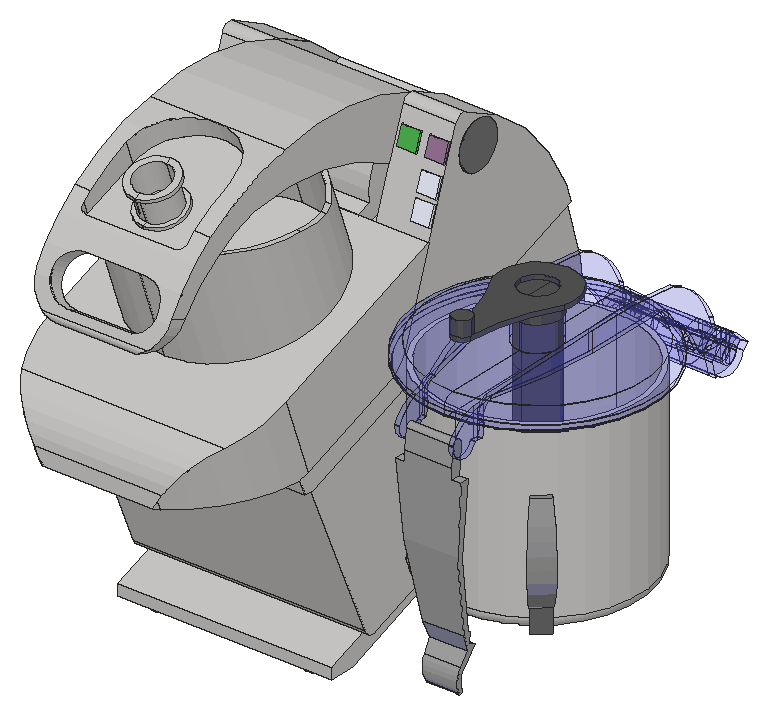
Revit family "QF_DITOSAMA_600434_DTRK55Y", category Specialty Equipment, Revit 2018
Family settings
  Round Connector Dimension = Use Diameter
  Part Type = Normal
  Work Plane-Based = No
  Always vertical = Yes
  Cut with Voids When Loaded = No
  Shared = No
  Room Calculation Point = No
Parameters (values of type "QF_DITO SAMA_600434_DTRK55Y")
  Weight = 27.40 kg
  Watts = 0 W
  Volts = 200 V
  URL Manufacturer = "http://www.ditosama.com"
  URL = "http://www.ditosama.com"
  Steam Supply Size = 0 mm
  Steam Supply Minimum Pressure = 0.0 Pa
  Steam Supply Maximum Pressure = 0.0 Pa
  Steam Pounds per Hour = 0
  Refrigeration Suction Line Size = 0 mm
  Refrigeration Liquid Line Size = 0 mm
  Refrigerant Compressor Remote = yes
  Manufacturer = "Dito Sama"
  Phase = 1
  Model = "DTRK55Y"
  Length Actual = 252 mm  # constant formula
  Item Number = "600434"
  Hot Water Size = 0 mm
  Height Actual = 505 mm  # constant formula
  HP = "1.7 HP"
  Gas Size = 0 mm
  Gas KW = 0
  Gas Input Pressure = 0 W
  Direct Waste Size = 0 mm
  Description = "CUTTER/SLICER 5.5L VARIAB.SPEED-1300W-200-240/1/50-60"
  Depth Actual = 485 mm  # constant formula
  Cycle = 60 Hz
  Condensate Return Size = 0 mm
  Compressed Air Volume = 0.0 L/s
  Compressed Air Size = 0 mm
  Compressed Air Pressure = 0.0 Pa
  Cold Water Size = 0 mm
  Accessory = yes
Reference planes
  plane 1 "Center (Front/Back)": y = 0
  plane 2: z = 0
  plane 3 "Center (Left/Right)": x = 0
  plane 4 "BASE": through (-1506.947, -1354.442, -482.669) normal (0, -0.342, 0.9397)
  plane 5 "TOP": z = 725
  plane 6 "FRONT": y = -250
  plane 7 "BACK": y = 250
  plane 8 "LEFT": x = -126
  plane 9 "RIGHT": x = 126
  plane 10 "BaseSup": through (4267.2, -355.454, 143.983) normal (0, -0.342, 0.9397)
  plane 11 "TopCylinder": z = 505
  plane 12 "panel": through (4267.2, 37.396, 376.789) normal (0, -0.9397, 0.342)
  plane 13 "TAN1": through (4267.2, -242.8, 386.84) normal (0, -0.868, 0.4965)
  plane 14 "cx": x = -4.392
  plane 15: z = 490
  plane 16: z = 685
  plane 17 "EI_1": z = 320
  plane 18: z = 224
  plane 19 "SupportOblique": through (4267.2, 163.975, 96.815) normal (0, 0.809, 0.5878)
  plane 20 "CX2": x = 350
Forms (mm)
  Extrusion 1, solid, material "QF_Finishes_Stainless Steel"
    sketch origin (0, 71.755, 29.173) x (0, 0.939693, 0.34202) y (0, -0.34202, 0.939693)
      loop
        line (196.964, 40) -> (-146.726, 40) -> (-150.519, 29.578) -> (-124.204, 20) -> (196.964, 20) -> (196.964, 40)
    from -114.1 to 114.1
  Extrusion 2, solid, material "QF_Finishes_Stainless Steel"
    sketch origin (0, 71.755, 29.173) x (0, 0.939693, 0.34202) y (0, -0.34202, 0.939693)
      loop
        arc (-117.754, 231.836) -> (-115.679, 141.222) -> (-107.501, 50.953) r 1344.145
        arc (-107.501, 50.953) -> (-103.371, 43.13) -> (-95.098, 40) r 12.5
        line (-95.098, 40) -> (191.415, 40)
        arc (191.415, 40) -> (200.799, 44.052) -> (207.001, 52.177) r 20.212
        arc (207.001, 52.177) -> (236.663, 139.796) -> (245.906, 231.836) r 409.593
        line (245.906, 231.836) -> (-117.754, 231.836)
    from -123.6 to 123.2
  Extrusion 3, solid, material "QF_Finishes_Stainless Steel"
    sketch origin (0, 71.755, 29.173) x (0, 0.939693, 0.34202) y (0, -0.34202, 0.939693)
      loop
        line (-117.754, 231.836) -> (250, 231.836) -> (250, 254)
        arc (250, 254) -> (225.127, 344.7) -> (167.861, 419.303) r 244.524
        arc (167.861, 419.303) -> (160.498, 421.774) -> (153.587, 418.23) r 10
        line (153.587, 418.23) -> (25.432, 265.5)
        arc (25.432, 265.5) -> (14.376, 257.016) -> (0.77, 254) r 32.194
        line (0.77, 254) -> (-128.224, 254) -> (-128.224, 236.946) -> (-117.754, 231.836)
    from -125 to 125
  Extrusion 4, void
    sketch origin (0, 71.755, 29.173) x (0, 0.939693, 0.34202) y (0, -0.34202, 0.939693)
      loop
        line (146.605, 338.403) -> (228.145, 338.403)
        arc (228.145, 338.403) -> (202.221, 381.996) -> (167.861, 419.303) r 244.524
        arc (167.861, 419.303) -> (160.498, 421.774) -> (153.587, 418.23) r 10
        line (153.587, 418.23) -> (72.34, 321.403) -> (146.605, 321.403) -> (146.605, 338.403)
    from -76.755 to 68.071
  Extrusion 5, solid, material "QF_Finishes_Stainless Steel"
    sketch origin (0, 71.755, 29.173) x (0, 0.939693, 0.34202) y (0, -0.34202, 0.939693)
      loop
        line (86.605, 338.403) -> (69.605, 321.403) -> (146.605, 321.403) -> (146.605, 338.403) -> (138.179, 338.403) -> (138.179, 369.367)
        arc (138.179, 369.367) -> (147.784, 373.474) -> (158.149, 372.174) r 19.987
        arc (158.149, 372.174) -> (156.791, 382.001) -> (162.888, 389.826) r 12.748
        arc (162.888, 389.826) -> (123.302, 374.774) -> (101.605, 338.403) r 64.447
        line (101.605, 338.403) -> (86.605, 338.403)
    from -65 to 50
  Extrusion 6, solid, material "QF_Finishes_Stainless Steel"
    sketch origin (539, 71.755, 29.173) x (0, -0.939693, -0.34202) y (0, -0.34202, 0.939693)
      loop
        circle (-169.102, 378.696) r 12.748
    from 489 to 604
  Extrusion 7, solid, material "QF_Finishes_Rubber Black"
    sketch origin (0, 71.755, 29.173) x (0, 0.939693, 0.34202) y (0, -0.34202, 0.939693)
      loop
        circle (169.102, 378.696) r 25
    from 125 to 126.6
  Extrusion 8, solid, material "QF_Finishes_Green"
    sketch origin (-10, -113.728, -38.42) x (0, -0.34202, -0.939693) y (1, 0, 0)
      loop
        line (-529.862, 82.865) -> (-509.862, 82.865) -> (-509.862, 102.865) -> (-529.862, 102.865) -> (-529.862, 82.865)
    from 0 to 1.6
  Extrusion 9, solid, material "QF_Finishes_Red"
    sketch origin (20, -113.728, -38.42) x (0, -0.34202, -0.939693) y (1, 0, 0)
      loop
        line (-529.862, 82.865) -> (-509.862, 82.865) -> (-509.862, 102.865) -> (-529.862, 102.865) -> (-529.862, 82.865)
    from 0 to 1.6
  Extrusion 10, solid, material "QF_Finishes_White"
    sketch origin (19.976, -149.421, -75.636) x (0, -0.34202, -0.939693) y (1, 0, 0)
      loop
        line (-521.192, 82.865) -> (-501.192, 82.865) -> (-501.192, 102.865) -> (-521.192, 102.865) -> (-521.192, 82.865)
    from 0 to 1.6
  Extrusion 11, solid, material "QF_Finishes_Rubber Black"
    sketch origin (-20, -293.925, 99.376) x (0, -1, 0) y (1, 0, 0)
      loop
        circle (-230.144, 103.748) r 10
      loop
        circle (-230.144, -61.252) r 10
    from 9.274 to 3.787
  Extrusion 12, void
    sketch origin (-20.94, 306.731, 139.428) x (-1, 0, 0) y (0, -0.34202, 0.939693)
      loop
        circle (-20.94, 196.093) r 10
    from -1.916 to -26.433
  Extrusion 13, solid, material "QF_Finishes_Stainless Steel"
    sketch origin (-20.94, 306.678, 139.573) x (-1, 0, 0) y (0, -0.34202, 0.939693)
      loop
        circle (-20.94, 195.939) r 9.999
    from -8.514 to -26.433
  Extrusion 14, solid, material "QF_Finishes_Stainless Steel"
    sketch origin (0, -15.119, 267.855) x (0, -0.939693, -0.34202) y (1, 0, 0)
      loop
        line (-86.605, -125) -> (117.754, -125)
        arc (117.754, -125) -> (182.577, -108.838) -> (232.224, -64.135) r 138.076
        arc (232.224, -64.135) -> (246.337, -33.516) -> (250, 0) r 104.824
        arc (250, 0) -> (246.337, 33.516) -> (232.224, 64.135) r 104.824
        arc (232.224, 64.135) -> (182.577, 108.838) -> (117.754, 125) r 138.076
        line (117.754, 125) -> (-86.605, 125) -> (-86.605, -125)
    from 0 to 84.403
  Extrusion 15, void
    sketch origin (0, 71.755, 29.173) x (0, 0.939693, 0.34202) y (0, -0.34202, 0.939693)
      loop
        line (-183.149, 338.403) -> (-263.395, 338.403) -> (-263.395, 254) -> (-128.224, 254) -> (-235.716, 293.124) -> (-229.509, 307.133)
        arc (-229.509, 307.133) -> (-211.109, 329.855) -> (-183.149, 338.403) r 50
      loop
        line (86.605, 338.403) -> (25.432, 265.5)
        arc (25.432, 265.5) -> (14.376, 257.016) -> (0.77, 254) r 32.194
        line (0.77, 254) -> (86.605, 254) -> (86.605, 338.403)
    from -156.555 to 144.79
  Extrusion 16, solid, material "QF_Finishes_Rubber Black"
    sketch origin (-20, -255.757, 37.007) x (0, -0.939693, -0.34202) y (1, 0, 0)
      loop
        circle (-230.144, 103.748) r 10
      loop
        circle (-230.144, -61.252) r 10
    from -1.968 to 3.787
  Extrusion 17, solid, material "QF_Finishes_Stainless Steel"
    sketch origin (0, 0, 0) x (0, 1, 0) y (0, 0, 1)
      loop
        arc (-237.987, 360.286) -> (-193.334, 422.101) -> (-125.907, 457.716) r 167.502
        arc (-125.907, 457.716) -> (-32.614, 457.202) -> (54.785, 424.565) r 266.494
        line (54.785, 424.565) -> (73.036, 474.711)
        arc (73.036, 474.711) -> (77.269, 479.853) -> (83.792, 481.198) r 10
        arc (83.792, 481.198) -> (1.801, 503.572) -> (-83.051, 498.734) r 263.981
        arc (-83.051, 498.734) -> (-135.605, 484.534) -> (-183.511, 458.675) r 236.13
        arc (-183.511, 458.675) -> (-222.818, 420.732) -> (-248.457, 372.49) r 174.407
        arc (-248.457, 372.49) -> (-249.83, 368.135) -> (-247.05, 364.513) r 4.945
        line (-247.05, 364.513) -> (-237.987, 360.286)
    from -76.755 to 68.071
  Extrusion 18, void
    sketch origin (0, -252.846, 369.279) x (0, -0.496521, -0.868025) y (1, 0, 0)
      loop
        line (-13.723, -36.755) -> (-13.723, 28.071)
        arc (-13.723, 28.071) -> (-38.723, 53.071) -> (-63.723, 28.071) r 25
        line (-63.723, 28.071) -> (-63.723, -36.755)
        arc (-63.723, -36.755) -> (-38.723, -61.755) -> (-13.723, -36.755) r 25
    from -148.493 to 7.125
  Extrusion 19, void
    sketch origin (0, -88.076, 32.057) x (0, -0.34202, -0.939693) y (1, 0, 0)
      loop
        line (-257.162, 68.071) -> (-297.162, 68.071)
        arc (-297.162, 68.071) -> (-268.878, 56.356) -> (-257.162, 28.071) r 40
        line (-257.162, 28.071) -> (-257.162, 68.071)
      loop
        line (-257.162, -76.755) -> (-257.162, -36.755)
        arc (-257.162, -36.755) -> (-268.878, -65.039) -> (-297.162, -76.755) r 40
        line (-297.162, -76.755) -> (-257.162, -76.755)
    from 233.374 to 280.473
  Extrusion 20, void
    sketch origin (0, -73.76, 246.511) x (0, -0.939693, -0.34202) y (1, 0, 0)
      loop
        spline (50.415, 43.499) -> (50.302, 44.538) -> (50.07, 45.551) -> (49.722, 46.523) -> (49.265, 47.436) -> (48.705, 48.278) -> (48.053, 49.034) -> (47.317, 49.692) -> (46.511, 50.241) -> (45.647, 50.674) -> (44.738, 50.981) -> (43.801, 51.16) -> (42.848, 51.221)
        line (42.848, 51.221) -> (-21.826, 51.221)
        arc (-21.826, 51.221) -> (-77.476, -4.429) -> (-21.826, -60.078) r 55.65
        line (-21.826, -60.078) -> (42.849, -60.064)
        spline (42.849, -60.064) -> (43.796, -60.017) -> (44.73, -59.836) -> (45.637, -59.525) -> (46.5, -59.088) -> (47.306, -58.532) -> (48.042, -57.867) -> (48.695, -57.103) -> (49.256, -56.253) -> (49.715, -55.331) -> (50.065, -54.351) -> (50.3, -53.329) -> (50.415, -52.283)
        line (50.415, -52.283) -> (50.415, 43.499)
    from 219.928 to 259.975
  Extrusion 21, void
    sketch origin (0, -87.856, 241.381) x (0, -0.939693, -0.34202) y (1, 0, 0)
      loop
        circle (-4.976, -4.429) r 22.5
    from 184.171 to 259.975
  Extrusion 22, solid, material "QF_Finishes_Stainless Steel"
    sketch origin (0, -57.13, 252.564) x (0, -0.939693, -0.34202) y (1, 0, 0)
      loop
        circle (-27.476, -4.429) r 100
      loop
        circle (-27.476, -4.429) r 95
    from 84.403 to 219.928
  Extrusion 23, void
    sketch origin (539, 0, 0) x (0, -1, 0) y (0, 0, 1)
      loop
        line (-7.229, 448.453) -> (38.883, 431.669) -> (53.883, 431.669) -> (97.232, 435.738) -> (172.232, 435.738) -> (200.5, 434.424) -> (12.562, 502.828) -> (-7.229, 448.453)
    from 424.9 to 664
  Revolve 24, solid, material "QF_Finishes_Stainless Steel"
    sketch origin (-4.392, 0, 0) x (0, 1, 0) y (0, 0, 1)
      loop
        line (-159.523, 452.833) -> (-177.266, 446.376) -> (-188.766, 477.973) -> (-195.199, 475.631) -> (-193.959, 472.225) -> (-189.261, 473.935) -> (-179, 445.744) -> (-183.698, 444.034) -> (-182.575, 440.948) -> (-179.543, 442.052) -> (-133.191, 314.7) -> (-112.048, 322.396) -> (-159.523, 452.833)
      axis (-112.048, 322.396) -> (-171.023, 484.431)
    angle from 0 to 360
  Extrusion 25, solid, material "QF_Door-Drawer Clearances", detail levels coarse
    sketch origin (0, -262.072, 735.095) x (0, -0.581279, -0.813704) y (0, 0.813704, -0.581279)
      loop
        arc (-237.987, 360.286) -> (-193.334, 422.101) -> (-125.907, 457.716) r 167.502
        arc (-125.907, 457.716) -> (-61.925, 460.915) -> (0.971, 448.753) r 266.494
        arc (0.971, 448.753) -> (-2.208, 475.472) -> (-2.432, 502.379) r 244.524
        arc (-2.432, 502.379) -> (-31.549, 503.211) -> (-60.594, 500.999) r 278.64
        arc (-60.594, 500.999) -> (-125.023, 488.463) -> (-183.511, 458.675) r 236.13
        arc (-183.511, 458.675) -> (-222.818, 420.732) -> (-248.457, 372.49) r 174.407
        arc (-248.457, 372.49) -> (-249.83, 368.135) -> (-247.05, 364.513) r 4.945
        line (-247.05, 364.513) -> (-237.987, 360.286)
    from -76.755 to 68.071
  Extrusion 26, solid, material "QF_Door-Drawer Clearances", detail levels coarse
    sketch origin (-4.392, 0, -55) x (0, 1, 0) y (0, 0, 1)
      loop
        arc (180.062, 780.324) -> (-149.234, 694.151) -> (-249.905, 368.994) r 350.321
        line (-249.905, 368.994) -> (-246.546, 377.767)
        arc (-246.546, 377.767) -> (-144.345, 691.9) -> (174.993, 776.44) r 345.321
        line (174.993, 776.44) -> (180.062, 780.324)
    from -60 to 60
  Extrusion 27, solid, material "QF_Finishes_Rubber Black"
    sketch origin (-20, -20.834, 122.512) x (0, -0.939693, -0.34202) y (1, 0, 0)
      loop
        circle (-230.144, 103.748) r 10
      loop
        circle (-230.144, -61.252) r 10
    from -1.968 to 3.787
  Extrusion 28, void
    sketch origin (-4.392, 0, 0) x (0, 1, 0) y (0, 0, 1)
      loop
        circle (163.975, 96.815) r 5.399
    from -121.608 to 130.392
  Sweep 29, solid, material "QF_Finishes_Stainless Steel"
    path origin (0, 153.361, 111.423) x (0, -0.587785, 0.809017) y (1, 0, 0)
      loop
        line (-133.401, 56) -> (-133.401, 112.5)
        arc (-133.401, 112.5) -> (-130.472, 119.571) -> (-123.401, 122.5) r 10
        line (-123.401, 122.5) -> (-28.058, 122.5)
        arc (-28.058, 122.5) -> (-20.987, 119.571) -> (-18.058, 112.5) r 10
        line (-18.058, 112.5) -> (-18.058, -112.5)
        arc (-18.058, -112.5) -> (-20.987, -119.571) -> (-28.058, -122.5) r 10
        line (-28.058, -122.5) -> (-123.401, -122.5)
        arc (-123.401, -122.5) -> (-130.472, -119.571) -> (-133.401, -112.5) r 10
        line (-133.401, -112.5) -> (-133.401, -56)
    profile origin (84.25, 231.772, 3.5) x (0, 0.587785, -0.809017) y (0, 0.809017, 0.587785)
      loop
        circle (0, 0) r 3.5
  Extrusion 30, void
    sketch origin (-4.392, 0, 0) x (0, 1, 0) y (0, 0, 1)
      loop
        line (50.281, 42.641) -> (71.708, 50.44) -> (64.376, 57.771) -> (50.281, 52.641) -> (50.281, 42.641)
    from -119.208 to -51.608
  Extrusion 31, void
    sketch origin (4.392, 0, 0) x (0, 1, 0) y (0, 0, -1)
      loop
        line (50.281, -42.641) -> (50.281, -52.641) -> (64.376, -57.771) -> (71.708, -50.44) -> (50.281, -42.641)
    from -119.208 to -51.608
  Extrusion 32, solid, material "QF_Door-Drawer Clearances", detail levels coarse
    sketch origin (350, -160.4, -17.118) x (0, -0.34202, -0.939693) y (0, -0.939693, 0.34202)
      loop
        line (-206.754, 118.191) -> (-331.133, -223.538)
        arc (-331.133, -223.538) -> (-241.482, -246.331) -> (-149.003, -248.426) r 409.593
        arc (-149.003, -248.426) -> (-139.246, -245.378) -> (-132.229, -237.945) r 20.212
        line (-132.229, -237.945) -> (-34.236, 31.289)
        arc (-34.236, 31.289) -> (-34.347, 40.134) -> (-40.286, 46.691) r 12.5
        arc (-40.286, 46.691) -> (-122.314, 85.249) -> (-206.754, 118.191) r 1344.145
    from -123.6 to 123.2
  Extrusion 33, solid, material "QF_Door-Drawer Clearances", detail levels coarse
    sketch origin (350, -160.4, -17.118) x (0, -0.34202, -0.939693) y (0, -0.939693, 0.34202)
      loop
        line (-134.127, -243.16) -> (-115.333, -250) -> (-5.487, 51.799) -> (-5.487, 79.803) -> (-16.578, 79.803) -> (-134.127, -243.16)
    from -114.1 to 114.1
  Extrusion 34, solid, material "QF_Door-Drawer Clearances", detail levels coarse
    sketch origin (330, -388.076, 105.131) x (0, -1, 0) y (1, 0, 0)
      loop
        circle (-230.144, 103.748) r 10
      loop
        circle (-230.144, -61.252) r 10
    from -1.968 to 3.787
  Extrusion 35, solid, material "QF_Door-Drawer Clearances", detail levels coarse
    sketch origin (330, -138.076, 105.131) x (0, -1, 0) y (1, 0, 0)
      loop
        circle (-230.144, 103.748) r 10
      loop
        circle (-230.144, -61.252) r 10
    from -1.968 to 3.787
  Extrusion 36, solid, material "QF_Door-Drawer Clearances", detail levels coarse
    sketch origin (0, 250, 0) x (-1, 0, 0) y (0, 0, 1)
      loop
        circle (-350, 200) r 10
    from -89.12 to -78.665
  Extrusion 37, solid, material "QF_Finishes_White"
    sketch origin (19.976, -140.87, -52.143) x (0, -0.34202, -0.939693) y (1, 0, 0)
      loop
        line (-521.192, 82.865) -> (-501.192, 82.865) -> (-501.192, 102.865) -> (-521.192, 102.865) -> (-521.192, 82.865)
    from 0 to 1.6
Cuts and joins
  Extrusion 4, Extrusion 19, Extrusion 20, Extrusion 21 cuts Extrusion 3
  Extrusion 15, Extrusion 19, Extrusion 20, Extrusion 21 cuts Extrusion 14
  Extrusion 18, Extrusion 19, Extrusion 20, Extrusion 21 cuts Extrusion 17
  Extrusion 12, Extrusion 20, Extrusion 21 cuts Extrusion 2
  Extrusion 23 cuts Extrusion 22
  Extrusion 28, Extrusion 30, Extrusion 31 cuts Extrusion 1
Lines and regions (mm)
  symbolic lines
    curve 1: line (-76.755, 170.4, 0) -> (-76.755, -235.217, 0)
    curve 2: line (68.071, -235.135, 0) -> (68.071, 170.4, 0)
    curve 3: line (-76.755, 83.792, 0) -> (68.071, 83.792, 0)
    curve 4: line (-76.755, 170.4, 0) -> (68.071, 170.4, 0)
    curve 5: line (68.071, -83.051, 0) -> (-76.755, -83.051, 0)
    curve 6: line (-60.078, -136.967, 0) -> (51.221, -136.967, 0)
    curve 7: line (-60.078, -128.47, 0) -> (-60.078, -194.06, 0)
    curve 8: line (51.221, -193.76, 0) -> (51.221, -128.47, 0)
    curve 9: spline (-52.282, -199.891, 0) -> (-53.276, -199.815, 0) -> (-54.25, -199.647, 0) -> (-55.19, -199.39, 0) -> (-56.081, -199.046, 0) -> (-56.909, -198.622, 0) -> (-57.663, -198.124, 0) -> (-58.331, -197.559, 0) -> (-58.902, -196.936, 0) -> (-59.369, -196.264, 0) -> (-59.724, -195.553, 0) -> (-59.961, -194.815, 0) -> (-60.078, -194.06, 0)
    curve 10: line (43.499, -199.901, 0) -> (-52.283, -199.901, 0)
    curve 11: spline (51.218, -193.76, 0) -> (51.156, -194.554, 0) -> (50.964, -195.333, 0) -> (50.645, -196.085, 0) -> (50.204, -196.798, 0) -> (49.648, -197.459, 0) -> (48.986, -198.058, 0) -> (48.229, -198.586, 0) -> (47.39, -199.033, 0) -> (46.483, -199.392, 0) -> (45.521, -199.658, 0) -> (44.521, -199.826, 0) -> (43.499, -199.893, 0)
    curve 12: spline (-4.392, -146.848, 0) -> (-11.05, -147.672, 0) -> (-17.255, -150.087, 0) -> (-22.583, -153.929, 0) -> (-26.672, -158.936, 0) -> (-29.242, -164.766, 0) -> (-30.119, -171.023, 0) -> (-29.242, -177.28, 0) -> (-26.672, -183.111, 0) -> (-22.583, -188.118, 0) -> (-17.255, -191.96, 0) -> (-11.05, -194.375, 0) -> (-4.392, -195.199, 0)
    curve 13: spline (-4.392, -195.199, 0) -> (2.267, -194.375, 0) -> (8.472, -191.96, 0) -> (13.8, -188.118, 0) -> (17.888, -183.111, 0) -> (20.459, -177.28, 0) -> (21.335, -171.023, 0) -> (20.459, -164.766, 0) -> (17.888, -158.936, 0) -> (13.8, -153.929, 0) -> (8.472, -150.087, 0) -> (2.267, -147.672, 0) -> (-4.392, -146.848, 0)
    curve 14: spline (-4.392, -188.766, 0) -> (-9.279, -188.162, 0) -> (-13.832, -186.389, 0) -> (-17.743, -183.569, 0) -> (-20.744, -179.895, 0) -> (-22.63, -175.616, 0) -> (-23.273, -171.023, 0) -> (-22.63, -166.431, 0) -> (-20.744, -162.152, 0) -> (-17.743, -158.477, 0) -> (-13.832, -155.658, 0) -> (-9.279, -153.885, 0) -> (-4.392, -153.281, 0)
    curve 15: spline (-4.392, -153.281, 0) -> (0.495, -153.885, 0) -> (5.049, -155.658, 0) -> (8.96, -158.477, 0) -> (11.96, -162.152, 0) -> (13.846, -166.431, 0) -> (14.49, -171.023, 0) -> (13.846, -175.616, 0) -> (11.96, -179.895, 0) -> (8.96, -183.569, 0) -> (5.049, -186.389, 0) -> (0.495, -188.162, 0) -> (-4.392, -188.766, 0)
    curve 16: spline (-22.254, -165.273, 0) -> (-20.617, -168.597, 0) -> (-18.289, -171.534, 0) -> (-15.368, -173.96, 0) -> (-11.98, -175.77, 0) -> (-8.268, -176.888, 0) -> (-4.392, -177.266, 0) -> (-0.515, -176.888, 0) -> (3.197, -175.77, 0) -> (6.585, -173.96, 0) -> (9.505, -171.534, 0) -> (11.834, -168.597, 0) -> (13.471, -165.273, 0)
    curve 17: spline (21.106, -162.743, 0) -> (21.02, -155.749, 0) -> (18.807, -149.071, 0) -> (14.651, -143.268, 0) -> (8.902, -138.825, 0) -> (2.04, -136.115, 0) -> (-5.361, -135.365, 0) -> (-12.68, -136.637, 0) -> (-19.306, -139.824, 0) -> (-24.683, -144.661, 0) -> (-28.361, -150.742, 0) -> (-30.034, -157.558, 0) -> (-29.559, -164.538, 0)
    curve 18: spline (15.591, -154.349, 0) -> (13.851, -150.277, 0) -> (11.185, -146.674, 0) -> (7.729, -143.723, 0) -> (3.657, -141.574, 0) -> (-0.824, -140.337, 0) -> (-5.485, -140.073, 0) -> (-10.091, -140.797, 0) -> (-14.408, -142.471, 0) -> (-18.216, -145.011, 0) -> (-21.322, -148.287, 0) -> (-23.569, -152.134, 0) -> (-24.843, -156.356, 0)
    curve 19: line (-36.755, -245.358, 0) -> (-36.755, -220.255, 0)
    curve 20: line (28.071, -220.255, 0) -> (28.071, -245.358, 0)
    curve 21: line (-36.755, -220.255, 0) -> (28.071, -220.255, 0)
    curve 22: line (-36.755, -231.961, 0) -> (28.071, -231.961, 0)
    curve 23: line (28.071, -245.358, 0) -> (-36.755, -245.358, 0)
    curve 24: arc (-36.755, -231.961, 0) -> (-47.346, -230.66, 0) -> (-57.309, -226.836, 0) r 43.78
    curve 25: arc (28.071, -231.961, 0) -> (38.611, -230.648, 0) -> (48.525, -226.836, 0) r 43.78
    curve 26: line (108.532, -216.09, 0) -> (68.016, -248.959, 0)
    curve 27: spline (108.532, -216.09, 0) -> (111.117, -211.341, 0) -> (113.492, -206.496, 0) -> (115.654, -201.564, 0) -> (117.598, -196.552, 0) -> (119.32, -191.469, 0) -> (120.82, -186.324, 0) -> (122.092, -181.125, 0) -> (123.137, -175.882, 0) -> (123.951, -170.603, 0) -> (124.533, -165.296, 0) -> (124.883, -159.972, 0) -> (125, -154.639, 0)
    curve 28: line (125, -154.639, 0) -> (125, 227.385, 0)
    curve 29: spline (63.971, -249.433, 0) -> (63.542, -249.481, 0) -> (63.11, -249.529, 0) -> (62.674, -249.577, 0) -> (62.235, -249.624, 0) -> (61.792, -249.672, 0) -> (61.346, -249.719, 0) -> (60.896, -249.766, 0) -> (60.442, -249.813, 0) -> (59.985, -249.86, 0) -> (59.525, -249.907, 0) -> (59.06, -249.954, 0) -> (58.593, -250, 0)
    curve 30: spline (68.016, -248.959, 0) -> (67.688, -248.999, 0) -> (67.358, -249.038, 0) -> (67.026, -249.078, 0) -> (66.693, -249.118, 0) -> (66.359, -249.157, 0) -> (66.022, -249.197, 0) -> (65.684, -249.236, 0) -> (65.345, -249.276, 0) -> (65.004, -249.315, 0) -> (64.661, -249.354, 0) -> (64.317, -249.394, 0) -> (63.971, -249.433, 0)
    curve 31: line (-68.016, -248.959, 0) -> (68.016, -248.959, 0)
    curve 32: line (-68.016, -248.959, 0) -> (-108.532, -216.09, 0)
    curve 33: spline (-63.971, -249.433, 0) -> (-64.317, -249.394, 0) -> (-64.661, -249.354, 0) -> (-65.004, -249.315, 0) -> (-65.345, -249.276, 0) -> (-65.684, -249.236, 0) -> (-66.022, -249.197, 0) -> (-66.359, -249.157, 0) -> (-66.693, -249.118, 0) -> (-67.026, -249.078, 0) -> (-67.358, -249.038, 0) -> (-67.688, -248.999, 0) -> (-68.016, -248.959, 0)
    curve 34: spline (-58.593, -250, 0) -> (-59.06, -249.954, 0) -> (-59.525, -249.907, 0) -> (-59.985, -249.86, 0) -> (-60.442, -249.813, 0) -> (-60.896, -249.766, 0) -> (-61.346, -249.719, 0) -> (-61.792, -249.672, 0) -> (-62.235, -249.624, 0) -> (-62.674, -249.577, 0) -> (-63.11, -249.529, 0) -> (-63.542, -249.481, 0) -> (-63.971, -249.433, 0)
    curve 35: line (-76.755, -235.217, 0) -> (-60.604, -248.457, 0)
    curve 36: spline (-125, -154.639, 0) -> (-124.883, -159.972, 0) -> (-124.533, -165.296, 0) -> (-123.951, -170.603, 0) -> (-123.137, -175.882, 0) -> (-122.092, -181.125, 0) -> (-120.82, -186.324, 0) -> (-119.32, -191.469, 0) -> (-117.598, -196.552, 0) -> (-115.654, -201.564, 0) -> (-113.492, -206.496, 0) -> (-111.117, -211.341, 0) -> (-108.532, -216.09, 0)
    curve 37: line (-125, 227.385, 0) -> (-125, -154.639, 0)
    curve 38: arc (-76.755, -160.023, 0) -> (-93.256, -130.498, 0) -> (-99.37, -97.232, 0) r 103.622
    curve 39: arc (-76.755, -168.026, 0) -> (-96.901, -135.101, 0) -> (-104.377, -97.232, 0) r 109.55
    curve 40: spline (-99.395, -97.232, 0) -> (-99.428, -93.546, 0) -> (-99.341, -89.86, 0) -> (-99.135, -86.178, 0) -> (-98.81, -82.506, 0) -> (-98.367, -78.845, 0) -> (-97.806, -75.201, 0) -> (-97.127, -71.576, 0) -> (-96.331, -67.976, 0) -> (-95.419, -64.402, 0) -> (-94.392, -60.86, 0) -> (-93.251, -57.352, 0) -> (-91.998, -53.883, 0)
    curve 41: arc (-91.998, -53.883, 0) -> (-88.614, -46.234, 0) -> (-84.624, -38.883, 0) r 103.541
    curve 42: spline (-84.624, -38.883, 0) -> (-84.026, -38.009, 0) -> (-83.417, -37.142, 0) -> (-82.798, -36.282, 0) -> (-82.167, -35.428, 0) -> (-81.527, -34.582, 0) -> (-80.876, -33.742, 0) -> (-80.214, -32.91, 0) -> (-79.543, -32.085, 0) -> (-78.861, -31.267, 0) -> (-78.169, -30.457, 0) -> (-77.467, -29.655, 0) -> (-76.755, -28.86, 0)
    curve 43: spline (-90.488, -38.883, 0) -> (-89.506, -37.356, 0) -> (-88.492, -35.846, 0) -> (-87.448, -34.355, 0) -> (-86.375, -32.883, 0) -> (-85.271, -31.43, 0) -> (-84.139, -29.997, 0) -> (-82.978, -28.585, 0) -> (-81.788, -27.193, 0) -> (-80.571, -25.823, 0) -> (-79.326, -24.476, 0) -> (-78.054, -23.15, 0) -> (-76.755, -21.847, 0)
    curve 44: arc (-97.398, -53.883, 0) -> (-94.227, -46.252, 0) -> (-90.488, -38.883, 0) r 109.406
    curve 45: spline (-104.397, -97.232, 0) -> (-104.428, -93.553, 0) -> (-104.346, -89.875, 0) -> (-104.151, -86.201, 0) -> (-103.844, -82.535, 0) -> (-103.425, -78.879, 0) -> (-102.894, -75.238, 0) -> (-102.252, -71.615, 0) -> (-101.499, -68.013, 0) -> (-100.637, -64.435, 0) -> (-99.665, -60.886, 0) -> (-98.585, -57.367, 0) -> (-97.398, -53.883, 0)
    curve 46: spline (-104.429, -60.179, 0) -> (-104.227, -54.213, 0) -> (-103.623, -48.272, 0) -> (-102.618, -42.379, 0) -> (-101.218, -36.558, 0) -> (-99.427, -30.832, 0) -> (-97.253, -25.224, 0) -> (-94.704, -19.758, 0) -> (-91.791, -14.454, 0) -> (-88.526, -9.335, 0) -> (-84.922, -4.421, 0) -> (-80.993, 0.268, 0) -> (-76.755, 4.714, 0)
    curve 47: line (-104.429, -60.179, 0) -> (-104.429, -91.125, 0)
    curve 48: line (-125, 37.396, 0) -> (-76.755, 37.396, 0)
    curve 49: line (-125, 227.385, 0) -> (125, 227.385, 0)
    curve 50: line (-125, 219.805, 0) -> (125, 219.805, 0)
    curve 51: line (-65, 113.885, 0) -> (50, 113.885, 0)
    curve 52: line (50, 113.885, 0) -> (50, 83.792, 0)
    curve 53: line (-65, 113.885, 0) -> (-65, 83.792, 0)
    curve 54: line (-65, 91.491, 0) -> (50, 91.491, 0)
    curve 55: line (50, 93.777, 0) -> (68.071, 93.777, 0)
    curve 56: line (-65, 93.777, 0) -> (-76.755, 93.777, 0)
    curve 57: line (72.865, 67.495, 0) -> (92.865, 67.495, 0)
    curve 58: line (72.865, 59.152, 0) -> (72.865, 67.495, 0)
    curve 59: line (92.865, 59.152, 0) -> (72.865, 59.152, 0)
    curve 60: line (92.865, 67.495, 0) -> (92.865, 59.152, 0)
    curve 61: line (102.865, 67.495, 0) -> (122.865, 67.495, 0)
    curve 62: line (102.865, 59.152, 0) -> (102.865, 67.495, 0)
    curve 63: line (122.865, 59.152, 0) -> (102.865, 59.152, 0)
    curve 64: line (122.865, 67.495, 0) -> (122.865, 59.152, 0)
    curve 65: line (102.841, 48.394, 0) -> (122.841, 48.394, 0)
    curve 66: line (102.841, 40.05, 0) -> (102.841, 48.394, 0)
    curve 67: line (122.841, 40.05, 0) -> (102.841, 40.05, 0)
    curve 68: line (122.841, 48.394, 0) -> (122.841, 40.05, 0)
    curve 69: line (92.865, 65.992, 0) -> (72.865, 65.992, 0)
    curve 70: line (122.865, 65.992, 0) -> (102.865, 65.992, 0)
    curve 71: line (122.841, 46.891, 0) -> (102.841, 46.891, 0)
    curve 72: line (-123.6, 250, 0) -> (123.2, 250, 0)
    curve 73: line (123.2, 227.385, 0) -> (123.2, 250, 0)
    curve 74: line (-123.6, 227.385, 0) -> (-123.6, 250, 0)
    curve 75: line (68.071, 37.396, 0) -> (125, 37.396, 0)
    curve 76: line (68.071, -235.135, 0) -> (51.82, -248.457, 0)
    curve 77: arc (68.071, -159.898, 0) -> (84.5, -130.423, 0) -> (90.587, -97.232, 0) r 103.622
    curve 78: arc (68.071, -167.913, 0) -> (88.145, -135.031, 0) -> (95.593, -97.232, 0) r 109.55
    curve 79: spline (90.612, -97.232, 0) -> (90.644, -93.546, 0) -> (90.558, -89.86, 0) -> (90.352, -86.178, 0) -> (90.027, -82.506, 0) -> (89.584, -78.845, 0) -> (89.022, -75.201, 0) -> (88.343, -71.576, 0) -> (87.547, -67.976, 0) -> (86.636, -64.402, 0) -> (85.609, -60.86, 0) -> (84.468, -57.352, 0) -> (83.214, -53.883, 0)
    curve 80: arc (83.214, -53.883, 0) -> (79.831, -46.234, 0) -> (75.841, -38.883, 0) r 103.541
    curve 81: spline (75.841, -38.883, 0) -> (75.25, -38.019, 0) -> (74.648, -37.162, 0) -> (74.036, -36.312, 0) -> (73.414, -35.468, 0) -> (72.781, -34.631, 0) -> (72.138, -33.801, 0) -> (71.485, -32.977, 0) -> (70.822, -32.161, 0) -> (70.149, -31.353, 0) -> (69.466, -30.551, 0) -> (68.774, -29.757, 0) -> (68.071, -28.97, 0)
    curve 82: spline (81.705, -38.883, 0) -> (80.729, -37.365, 0) -> (79.722, -35.865, 0) -> (78.685, -34.383, 0) -> (77.619, -32.92, 0) -> (76.523, -31.476, 0) -> (75.399, -30.051, 0) -> (74.246, -28.647, 0) -> (73.066, -27.263, 0) -> (71.857, -25.901, 0) -> (70.622, -24.56, 0) -> (69.36, -23.242, 0) -> (68.071, -21.946, 0)
    curve 83: arc (88.615, -53.883, 0) -> (85.443, -46.252, 0) -> (81.705, -38.883, 0) r 109.406
    curve 84: spline (95.614, -97.232, 0) -> (95.644, -93.553, 0) -> (95.562, -89.875, 0) -> (95.368, -86.201, 0) -> (95.061, -82.535, 0) -> (94.641, -78.879, 0) -> (94.111, -75.238, 0) -> (93.469, -71.615, 0) -> (92.716, -68.013, 0) -> (91.853, -64.435, 0) -> (90.882, -60.886, 0) -> (89.802, -57.367, 0) -> (88.615, -53.883, 0)
    curve 85: spline (95.645, -60.179, 0) -> (95.444, -54.225, 0) -> (94.842, -48.295, 0) -> (93.842, -42.413, 0) -> (92.446, -36.602, 0) -> (90.662, -30.886, 0) -> (88.496, -25.287, 0) -> (85.957, -19.829, 0) -> (83.055, -14.533, 0) -> (79.802, -9.421, 0) -> (76.21, -4.512, 0) -> (72.295, 0.173, 0) -> (68.071, 4.615, 0)
    curve 86: line (95.645, -60.179, 0) -> (95.645, -91.125, 0)
    curve 87: line (102.841, 56.945, 0) -> (122.841, 56.945, 0)
    curve 88: line (122.841, 55.441, 0) -> (102.841, 55.441, 0)
    curve 89: line (102.841, 56.945, 0) -> (102.841, 48.394, 0)
    curve 90: line (102.841, 48.601, 0) -> (122.841, 48.601, 0)
    curve 91: line (122.841, 48.601, 0) -> (122.841, 56.945, 0)
Dimensions and locks
  plane 5 "TOP" to level = 725 mm  (x2)
  plane 8 "LEFT" to plane 3 "Center (Left/Right)" to plane 9 "RIGHT" = 126 mm, 126 mm
  plane 7 "BACK" to plane 1 "Center (Front/Back)" to plane 6 "FRONT" = 250 mm, 250 mm
  plane 5 "TOP" to plane 2 = 725 mm
  plane 5 "TOP" to plane 11 "TopCylinder" = 220 mm
  plane 6 "FRONT" to plane 7 "BACK" = 500 mm
  plane 7 "BACK" to plane 6 "FRONT" = 500 mm
  plane 11 "TopCylinder" to level = 505 mm  (x2)
  plane 15 to level = 490 mm  (x2)
  plane 16 to level = 685 mm
  plane 17 "EI_1" to level = 320 mm
  plane 18 to level = 224 mm
  plane 16 to plane 2 = 685 mm
  plane 9 "RIGHT" to plane 8 "LEFT" = 252 mm
  aligned and locked: level to plane 2
Nested families
  nested 1: "QF_600434_BOWL" at (360, -39.665, -20.592), type "QF_600434_BOWL"
Connectors
  electrical at (0, 231.662, 320.783), driven by "Volts"
    settings: on Extrusion 13, index 1, voltage 200 V, apparent load 0 VA, apparent load phase1 0 VA, apparent load phase2 0 VA, apparent load phase3 0 VA, power factor 1, load classification "Other", number of poles 1, system type 30, power factor state 1, is connector primary yes, connector utility no, sub classification motor no, connector description "Electrical Connection"
Definition of nested family "QF_600434_BOWL"
  Reference planes
    plane 1 "Center (Front/Back)": y = 0
    plane 2: z = 0
    plane 3 "Center (Left/Right)": x = 0
    plane 4 "TOP": z = 705.4
    plane 5 "FRONT": y = -211
    plane 6 "BACK": y = 211
    plane 7 "LEFT": x = -128
    plane 8 "RIGHT": x = 128
    plane 9 "CenterX": x = -10
    plane 10 "Maniglia": through (-10, -59.177, 4000) normal (0.766, 0.6428, 0)
    plane 11 "Panel": through (4267.2, 107.252, 388.448) normal (0, 0.766, -0.6428)
    plane 12: z = 510
  Forms (mm)
    Revolve 1, solid
      sketch origin (-10, 0, 0) x (0, -1, 0) y (0, 0, 1)
        loop
          line (59.177, 490.527) -> (28.516, 490.527) -> (35.424, 483.619) -> (35.424, 470.527) -> (38.194, 470.527) -> (38.194, 356.104) -> (59.177, 356.104) -> (59.177, 490.527)
        axis (59.177, 356.104) -> (59.177, 490.527)
      angle from 0 to 360
    Extrusion 2, solid
      sketch origin (0, 0, 0) x (1, 0, 0) y (0, 1, 0)
        loop
          arc (-48.167, -71.147) -> (-28.951, -114.517) -> (-19.956, -161.093) r 210.055
          arc (-19.956, -161.093) -> (-10, -170.155) -> (-0.044, -161.093) r 10
          arc (-0.044, -161.093) -> (8.951, -114.517) -> (28.167, -71.147) r 210.055
          arc (28.167, -71.147) -> (-10, -19.177) -> (-48.167, -71.147) r 40
      from 490.527 to 495.013
    Extrusion 3, solid
      sketch origin (0, 0, 0) x (1, 0, 0) y (0, 1, 0)
        loop
          circle (-10, -160.155) r 10
      from 495.013 to 510.592
    Extrusion 4, void
      sketch origin (0, 0, 0) x (1, 0, 0) y (0, 1, 0)
        loop
          circle (-10, -59.177) r 19
      from 467.615 to 512.796
    Extrusion 5, void
      sketch origin (-20, 0, 0) x (-1, 0, 0) y (0, -1, 0)
        loop
          line (16.15, 177.864) -> (16.15, -123.86) -> (35.771, -123.86) -> (35.771, 48.192)
          arc (35.771, 48.192) -> (30.047, 105.502) -> (17.781, 161.776) r 500.876
          line (17.781, 161.776) -> (17.781, 171.776) -> (16.15, 177.864)
        loop
          line (40.771, -123.86) -> (45.852, -123.86) -> (45.852, 210.681) -> (21.15, 210.681) -> (21.15, 178.522) -> (22.781, 172.434) -> (22.781, 162.459)
          arc (22.781, 162.459) -> (35.047, 105.893) -> (40.771, 48.297) r 505.876
          line (40.771, 48.297) -> (40.771, -123.86)
      from 381.652 to 477.521
    Extrusion 6, solid
      sketch origin (-20, 0, 0) x (0, 1, 0) y (0, 0, -1)
        loop
          line (-173.064, -409.647) -> (-181.147, -409.647)
          arc (-181.147, -409.647) -> (-199.354, -399.982) -> (-210.844, -417.096) r 15.391
          arc (-210.844, -417.096) -> (-202.04, -429.372) -> (-189.058, -437.099) r 36.946
          arc (-189.058, -437.099) -> (-65.868, -463.241) -> (59.99, -458.888) r 518.061
          arc (59.99, -458.888) -> (92.246, -438.11) -> (113.023, -405.855) r 90.696
          arc (113.023, -405.855) -> (114.903, -399.662) -> (115.972, -393.28) r 50.278
          arc (115.972, -393.28) -> (121.968, -392.806) -> (127.203, -389.844) r 13.902
          arc (127.203, -389.844) -> (135.322, -382.188) -> (143.082, -374.167) r 242.898
          line (143.082, -374.167) -> (137.378, -368.464)
          arc (137.378, -368.464) -> (123.613, -353.84) -> (104.088, -358.543) r 20
          line (104.088, -358.543) -> (99.34, -358.543)
          arc (99.34, -358.543) -> (88.098, -393.587) -> (65.823, -422.884) r 108.872
          line (65.823, -422.884) -> (50.823, -422.884)
          arc (50.823, -422.884) -> (52.796, -423.701) -> (53.614, -425.674) r 2.79
          line (53.614, -425.674) -> (53.614, -430.892)
          arc (53.614, -430.892) -> (50.154, -439.244) -> (41.802, -442.703) r 11.812
          line (41.802, -442.703) -> (-160.307, -442.703)
          arc (-160.307, -442.703) -> (-168.659, -439.244) -> (-172.119, -430.892) r 11.812
          line (-172.119, -430.892) -> (-172.119, -425.826)
          arc (-172.119, -425.826) -> (-171.728, -424.361) -> (-170.659, -423.285) r 2.942
          line (-170.659, -423.285) -> (-173.064, -409.647)
        loop
          circle (117.901, -373.007) r 9.416
      from 16.15 to 45.852
    Extrusion 7, solid
      sketch origin (0, 0, 0) x (0, 1, 0) y (0, 0, 1)
        loop
          line (137.378, 368.464) -> (143.082, 374.167)
          arc (143.082, 374.167) -> (135.322, 382.188) -> (127.203, 389.844) r 242.898
          arc (127.203, 389.844) -> (116.931, 393.38) -> (107.252, 388.448) r 13.902
          line (107.252, 388.448) -> (95.766, 374.76)
          arc (95.766, 374.76) -> (97.862, 366.72) -> (99.34, 358.543) r 108.872
          line (99.34, 358.543) -> (104.088, 358.543)
          arc (104.088, 358.543) -> (123.613, 353.84) -> (137.378, 368.464) r 20
        loop
          circle (117.901, 373.007) r 9.416
      from -71.073 to 53.607
    Extrusion 8, solid
      sketch origin (0, 0, 0) x (0, 1, 0) y (0, 0, 1)
        loop
          arc (-182.273, 168.111) -> (-185.377, 178.111) -> (-182.273, 188.111) r 17.658
          line (-182.273, 188.111) -> (-169.592, 207.294) -> (-177.764, 211.104) -> (-177.764, 222.201) -> (-180.378, 224.815)
          arc (-180.378, 224.815) -> (-195.887, 307.452) -> (-195.295, 391.529) r 437.299
          line (-195.295, 391.529) -> (-193.232, 411.422)
          arc (-193.232, 411.422) -> (-197.69, 416.911) -> (-203.179, 412.454) r 5
          line (-203.179, 412.454) -> (-205.242, 392.56)
          arc (-205.242, 392.56) -> (-202.268, 306.332) -> (-185.461, 221.705) r 534.528
          line (-185.461, 221.705) -> (-177.764, 203.503) -> (-186.394, 190.943)
          arc (-186.394, 190.943) -> (-190.377, 178.111) -> (-186.394, 165.28) r 22.658
          arc (-186.394, 165.28) -> (-182.917, 164.635) -> (-182.273, 168.111) r 2.5
      from -49.646 to 27.326
    Extrusion 9, void
      sketch origin (0, -211, 0) x (-1, 0, 0) y (0, 0, 1)
        loop
          line (-15.15, 416.938) -> (-47.326, 416.938) -> (-47.326, 161.938) -> (-6.963, 161.938) -> (-24.508, 381.652) -> (-15.15, 381.652) -> (-15.15, 416.938)
        loop
          line (26.963, 161.938) -> (77.918, 161.938) -> (77.918, 416.938) -> (35.15, 416.938) -> (35.15, 381.652) -> (44.508, 381.652) -> (26.963, 161.938)
      from 46.08 to -69.339
    Extrusion 10, solid
      sketch origin (0, 0, 0) x (0, 1, 0) y (0, 0, 1)
        loop
          line (-173.064, 409.647) -> (-170.659, 423.285)
          arc (-170.659, 423.285) -> (-171.728, 424.361) -> (-172.119, 425.826) r 2.942
          line (-172.119, 425.826) -> (-172.119, 430.892)
          arc (-172.119, 430.892) -> (-168.659, 439.244) -> (-160.307, 442.703) r 11.812
          line (-160.307, 442.703) -> (41.802, 442.703)
          arc (41.802, 442.703) -> (50.154, 439.244) -> (53.614, 430.892) r 11.812
          line (53.614, 430.892) -> (53.614, 425.674)
          arc (53.614, 425.674) -> (52.796, 423.701) -> (50.823, 422.884) r 2.79
          line (50.823, 422.884) -> (65.823, 422.884)
          arc (65.823, 422.884) -> (88.098, 393.587) -> (99.34, 358.543) r 108.872
          line (99.34, 358.543) -> (104.088, 358.543)
          arc (104.088, 358.543) -> (123.613, 353.84) -> (137.378, 368.464) r 20
          line (137.378, 368.464) -> (143.082, 374.167)
          arc (143.082, 374.167) -> (135.322, 382.188) -> (127.203, 389.844) r 242.898
          arc (127.203, 389.844) -> (121.968, 392.806) -> (115.972, 393.28) r 13.902
          arc (115.972, 393.28) -> (114.903, 399.662) -> (113.023, 405.855) r 50.278
          arc (113.023, 405.855) -> (92.246, 438.11) -> (59.99, 458.888) r 90.696
          arc (59.99, 458.888) -> (-65.868, 463.241) -> (-189.058, 437.099) r 518.061
          arc (-189.058, 437.099) -> (-202.04, 429.372) -> (-210.844, 417.096) r 36.946
          arc (-210.844, 417.096) -> (-199.354, 399.982) -> (-181.147, 409.647) r 15.391
          line (-181.147, 409.647) -> (-173.064, 409.647)
        loop
          circle (117.901, 373.007) r 9.416
      from 16.15 to 45.852
    Extrusion 11, void
      sketch origin (0, 0, 0) x (1, 0, 0) y (0, 1, 0)
        loop
          line (16.15, -177.864) -> (17.781, -171.776) -> (17.781, -161.776)
          arc (17.781, -161.776) -> (30.047, -105.502) -> (35.771, -48.192) r 500.876
          line (35.771, -48.192) -> (35.771, 123.86) -> (16.15, 123.86) -> (16.15, -177.864)
        loop
          line (40.771, 123.86) -> (40.771, -48.297)
          arc (40.771, -48.297) -> (35.047, -105.893) -> (22.781, -162.459) r 505.876
          line (22.781, -162.459) -> (22.781, -172.434) -> (21.15, -178.522) -> (21.15, -210.681) -> (45.852, -210.681) -> (45.852, 123.86) -> (40.771, 123.86)
      from 381.652 to 477.521
    Revolve 12, solid
      sketch origin (-10, 0, 0) x (0, -1, 0) y (0, 0, 1)
        loop
          line (38.194, 422.884) -> (38.194, 470.527) -> (35.424, 470.527) -> (35.424, 442.703) -> (-53.802, 442.703)
          arc (-53.802, 442.703) -> (-62.213, 439.268) -> (-65.732, 430.892) r 11.871
          line (-65.732, 430.892) -> (-65.732, 425.793)
          arc (-65.732, 425.793) -> (-64.88, 423.736) -> (-62.823, 422.884) r 2.909
          line (-62.823, 422.884) -> (38.194, 422.884)
        axis (59.177, 422.884) -> (59.177, 470.527)
      angle from 0 to 360
    Revolve 13, solid
      sketch origin (-10, 0, 0) x (0, -1, 0) y (0, 0, 1)
        loop
          line (169.177, 422.884) -> (164.177, 422.884) -> (164.177, 237.884)
          arc (164.177, 237.884) -> (162.191, 233.09) -> (157.397, 231.104) r 6.78
          line (157.397, 231.104) -> (84.177, 231.104) -> (84.177, 356.104) -> (79.177, 356.104) -> (79.177, 226.104) -> (157.397, 226.104)
          arc (157.397, 226.104) -> (165.726, 229.554) -> (169.177, 237.884) r 11.78
          line (169.177, 237.884) -> (169.177, 422.884)
        axis (59.177, 422.884) -> (59.177, 226.104)
      angle from 0 to 360
    Extrusion 14, solid
      sketch origin (-49.423, -13.925, 0) x (0.634002, 0.773331, 0) y (-0.773331, 0.634002, 0)
        loop
          line (-55.497, -222.333) -> (-26.468, -227.794) -> (-20.635, -161.119)
          arc (-20.635, -161.119) -> (-28.727, -159.898) -> (-36.729, -158.185) r 133.529
          line (-36.729, -158.185) -> (-55.497, -222.333)
      from 226.104 to 356.104
    Revolve 15, void
      sketch origin (-35.007, -29.374, 0) x (-0.642788, 0.766044, 0) y (0, 0, 1)
        loop
          arc (-155.215, 337.579) -> (-171.344, 302.579) -> (-155.215, 267.579) r 46.04
          line (-155.215, 267.579) -> (-147.754, 267.579) -> (-147.754, 337.579) -> (-155.215, 337.579)
        loop
          line (-155.215, 356.104) -> (-147.754, 356.104) -> (-147.754, 361.761) -> (-215.215, 361.761) -> (-215.215, 226.104) -> (-147.754, 226.104) -> (-147.754, 256.485) -> (-163.93, 256.485)
          arc (-163.93, 256.485) -> (-184.453, 308.471) -> (-155.215, 356.104) r 62.537
        axis (10, 361.761) -> (10, 226.104)
      angle from -8.217 to 8.652
    Extrusion 16, solid
      sketch origin (0, 0, 0) x (1, 0, 0) y (0, 1, 0)
        loop
          arc (57.446, -154.071) -> (64.931, -148.135) -> (72.061, -141.775) r 165.215
          line (72.061, -141.775) -> (66.401, -136.116)
          arc (66.401, -136.116) -> (59.824, -141.977) -> (52.928, -147.46) r 157.215
          line (52.928, -147.46) -> (57.446, -154.071)
      from 226.104 to 256.485
    Revolve 17, solid, detail levels coarse
      sketch origin (-10, -235.136, 499.949) x (0, 0, 1) y (0, 1, 0)
        loop
          line (59.177, 490.527) -> (28.516, 490.527) -> (35.424, 483.619) -> (35.424, 470.527) -> (38.194, 470.527) -> (38.194, 442.703) -> (59.177, 442.703) -> (59.177, 490.527)
        axis (59.177, 442.703) -> (59.177, 490.527)
      angle from 0 to 360
    Extrusion 18, solid, detail levels coarse
      sketch origin (0, -235.136, 499.949) x (1, 0, 0) y (0, 0, -1)
        loop
          arc (-48.167, -71.147) -> (-28.951, -114.517) -> (-19.956, -161.093) r 210.055
          arc (-19.956, -161.093) -> (-10, -170.155) -> (-0.044, -161.093) r 10
          arc (-0.044, -161.093) -> (8.951, -114.517) -> (28.167, -71.147) r 210.055
          arc (28.167, -71.147) -> (-10, -19.177) -> (-48.167, -71.147) r 40
      from 490.527 to 495.013
    Extrusion 19, solid, detail levels coarse
      sketch origin (0, -235.136, 499.949) x (1, 0, 0) y (0, 0, -1)
        loop
          circle (-10, -160.155) r 10
      from 495.013 to 510.592
    Extrusion 20, void
      sketch origin (-20, -221.856, 479.359) x (-1, 0, 0) y (0, 0, 1)
        loop
          line (16.15, 177.864) -> (16.15, -123.86) -> (35.771, -123.86) -> (35.771, 48.192)
          arc (35.771, 48.192) -> (30.047, 105.502) -> (17.781, 161.776) r 500.876
          line (17.781, 161.776) -> (17.781, 171.776) -> (16.15, 177.864)
        loop
          line (40.771, -123.86) -> (45.852, -123.86) -> (45.852, 217.003) -> (21.15, 217.003) -> (21.15, 178.522) -> (22.781, 172.434) -> (22.781, 162.459)
          arc (22.781, 162.459) -> (35.047, 105.893) -> (40.771, 48.297) r 505.876
          line (40.771, 48.297) -> (40.771, -123.86)
      from 350.345 to 477.521
    Extrusion 21, solid, detail levels coarse
      sketch origin (-20, -235.136, 499.949) x (0, 0, -1) y (0, -1, 0)
        loop
          line (-173.064, -409.647) -> (-181.303, -409.647)
          arc (-181.303, -409.647) -> (-196.341, -401.818) -> (-205.451, -416.117) r 12.548
          arc (-205.451, -416.117) -> (-199.87, -428.651) -> (-189.058, -437.099) r 28.357
          arc (-189.058, -437.099) -> (-65.868, -463.241) -> (59.99, -458.888) r 518.061
          arc (59.99, -458.888) -> (92.246, -438.11) -> (113.023, -405.855) r 90.696
          arc (113.023, -405.855) -> (114.903, -399.662) -> (115.972, -393.28) r 50.278
          arc (115.972, -393.28) -> (121.968, -392.806) -> (127.203, -389.844) r 13.902
          arc (127.203, -389.844) -> (130.645, -386.684) -> (134.025, -383.459) r 242.898
          arc (134.025, -383.459) -> (118.878, -371.582) -> (104.72, -358.543) r 242.898
          line (104.72, -358.543) -> (99.34, -358.543)
          arc (99.34, -358.543) -> (88.098, -393.587) -> (65.823, -422.884) r 108.872
          line (65.823, -422.884) -> (50.823, -422.884)
          arc (50.823, -422.884) -> (52.796, -423.701) -> (53.614, -425.674) r 2.79
          line (53.614, -425.674) -> (53.614, -430.892)
          arc (53.614, -430.892) -> (50.154, -439.244) -> (41.802, -442.703) r 11.812
          line (41.802, -442.703) -> (-160.307, -442.703)
          arc (-160.307, -442.703) -> (-168.659, -439.244) -> (-172.119, -430.892) r 11.812
          line (-172.119, -430.892) -> (-172.119, -425.826)
          arc (-172.119, -425.826) -> (-171.728, -424.361) -> (-170.659, -423.285) r 2.942
          line (-170.659, -423.285) -> (-173.064, -409.647)
      from 16.15 to 45.852
    Extrusion 22, void
      sketch origin (0, -221.856, 479.359) x (1, 0, 0) y (0, 0, -1)
        loop
          line (16.15, -177.864) -> (17.781, -171.776) -> (17.781, -161.776)
          arc (17.781, -161.776) -> (30.047, -105.502) -> (35.771, -48.192) r 500.876
          line (35.771, -48.192) -> (35.771, 123.86) -> (16.15, 123.86) -> (16.15, -177.864)
        loop
          line (40.771, 123.86) -> (40.771, -48.297)
          arc (40.771, -48.297) -> (35.047, -105.893) -> (22.781, -162.459) r 505.876
          line (22.781, -162.459) -> (22.781, -172.434) -> (21.15, -178.522) -> (21.15, -217.003) -> (45.852, -217.003) -> (45.852, 123.86) -> (40.771, 123.86)
      from 350.345 to 477.521
    Extrusion 23, solid, detail levels coarse
      sketch origin (0, -235.136, 499.949) x (0, 0, -1) y (0, 1, 0)
        loop
          line (-173.064, 409.647) -> (-170.659, 423.285)
          arc (-170.659, 423.285) -> (-171.728, 424.361) -> (-172.119, 425.826) r 2.942
          line (-172.119, 425.826) -> (-172.119, 430.892)
          arc (-172.119, 430.892) -> (-168.659, 439.244) -> (-160.307, 442.703) r 11.812
          line (-160.307, 442.703) -> (41.802, 442.703)
          arc (41.802, 442.703) -> (50.154, 439.244) -> (53.614, 430.892) r 11.812
          line (53.614, 430.892) -> (53.614, 425.674)
          arc (53.614, 425.674) -> (52.796, 423.701) -> (50.823, 422.884) r 2.79
          line (50.823, 422.884) -> (65.823, 422.884)
          arc (65.823, 422.884) -> (88.098, 393.587) -> (99.34, 358.543) r 108.872
          line (99.34, 358.543) -> (104.72, 358.543)
          arc (104.72, 358.543) -> (118.878, 371.582) -> (134.025, 383.459) r 242.898
          arc (134.025, 383.459) -> (130.645, 386.684) -> (127.203, 389.844) r 242.898
          arc (127.203, 389.844) -> (121.968, 392.806) -> (115.972, 393.28) r 13.902
          arc (115.972, 393.28) -> (114.903, 399.662) -> (113.023, 405.855) r 50.278
          arc (113.023, 405.855) -> (92.246, 438.11) -> (59.99, 458.888) r 90.696
          arc (59.99, 458.888) -> (-65.868, 463.241) -> (-189.058, 437.099) r 518.061
          arc (-189.058, 437.099) -> (-199.87, 428.651) -> (-205.451, 416.117) r 28.357
          arc (-205.451, 416.117) -> (-196.341, 401.818) -> (-181.303, 409.647) r 12.548
          line (-181.303, 409.647) -> (-173.064, 409.647)
      from 16.15 to 45.852
    Revolve 24, solid, detail levels coarse
      sketch origin (-10, -235.136, 499.949) x (0, 0, 1) y (0, 1, 0)
        loop
          line (38.194, 422.884) -> (38.194, 470.527) -> (35.424, 470.527) -> (35.424, 442.703) -> (-53.802, 442.703)
          arc (-53.802, 442.703) -> (-62.213, 439.268) -> (-65.732, 430.892) r 11.871
          line (-65.732, 430.892) -> (-65.732, 425.793)
          arc (-65.732, 425.793) -> (-64.88, 423.736) -> (-62.823, 422.884) r 2.909
          line (-62.823, 422.884) -> (38.194, 422.884)
        axis (59.177, 422.884) -> (59.177, 470.527)
      angle from 0 to 360
    Extrusion 25, void
      sketch origin (0, 0, 0) x (0, 1, 0) y (0, 0, 1)
        loop
          line (-210.681, 417.459) -> (-211.654, 417.459) -> (-211.654, 411.793) -> (-210.681, 411.793) -> (-210.681, 417.459)
      from -41.15 to -65.852
    Extrusion 26, void
      sketch origin (0, 0, 0) x (0, 1, 0) y (0, 0, 1)
        loop
          line (-210.681, 417.459) -> (-211.654, 417.459) -> (-211.654, 411.793) -> (-210.681, 411.793) -> (-210.681, 417.459)
      from 21.15 to 45.852
  Cuts and joins
    Extrusion 4 cuts Extrusion 2
    Extrusion 5, Extrusion 11, Extrusion 20, Extrusion 22, Extrusion 25 cuts Extrusion 6
    Extrusion 9, Extrusion 11, Extrusion 20 cuts Extrusion 8
    Extrusion 11, Extrusion 20, Extrusion 22 cuts Extrusion 7
    Extrusion 11, Extrusion 26 cuts Extrusion 10
    Revolve 15 cuts Extrusion 14
    Extrusion 20 cuts Revolve 12
    Extrusion 20 cuts Revolve 13
    Extrusion 20, Extrusion 22 cuts Extrusion 21
    Extrusion 22 cuts Extrusion 23
  Lines and regions (mm)
    symbolic lines
      curve 1: arc (-10, -172.155, 0) -> (3.999, -171.284, 0) -> (17.781, -168.686, 0) r 112.979
      curve 2: arc (-10, -184.085, 0) -> (-23.148, -183.391, 0) -> (-36.15, -181.317, 0) r 124.909
      curve 3: line (128, -157.764, 0) -> (128, 191, 0)
      curve 4: line (124.8, 106.204, 0) -> (59.066, 106.204, 0)
      curve 5: line (102.599, 90.494, 0) -> (117.599, 90.494, 0)
      curve 6: line (117.599, 87.22, 0) -> (102.599, 87.22, 0)
      curve 7: line (102.599, 76.352, 0) -> (117.599, 76.352, 0)
      curve 8: line (117.599, 73.078, 0) -> (102.599, 73.078, 0)
      curve 9: line (102.599, 62.211, 0) -> (117.599, 62.211, 0)
      curve 10: line (117.599, 58.937, 0) -> (102.599, 58.937, 0)
      curve 11: line (102.599, 48.07, 0) -> (117.599, 48.07, 0)
      curve 12: line (102.599, 58.937, 0) -> (102.599, 48.07, 0)
      curve 13: line (117.599, 48.07, 0) -> (117.599, 58.937, 0)
      curve 14: line (117.599, 62.211, 0) -> (117.599, 73.078, 0)
      curve 15: line (102.599, 73.078, 0) -> (102.599, 62.211, 0)
      curve 16: line (102.599, 87.22, 0) -> (102.599, 76.352, 0)
      curve 17: line (117.599, 76.352, 0) -> (117.599, 87.22, 0)
      curve 18: line (117.599, 90.494, 0) -> (117.599, 101.361, 0)
      curve 19: line (102.599, 101.361, 0) -> (102.599, 90.494, 0)
      curve 20: arc (-0.044, -161.093, 0) -> (8.951, -114.517, 0) -> (28.167, -71.147, 0) r 210.055
      curve 21: arc (28.167, -71.147, 0) -> (-10, -19.177, 0) -> (-48.167, -71.147, 0) r 40
      curve 22: arc (-48.167, -71.147, 0) -> (-28.951, -114.517, 0) -> (-19.956, -161.093, 0) r 210.055
      curve 23: arc (-19.956, -161.093, 0) -> (-10, -170.155, 0) -> (-0.044, -161.093, 0) r 10
      curve 24: arc (0, -160.155, 0) -> (-10, -150.155, 0) -> (-20, -160.155, 0) r 10
      curve 25: arc (-55.771, -48.192, 0) -> (-50.047, -105.502, 0) -> (-37.781, -161.776, 0) r 500.876
      curve 26: arc (-42.781, -162.459, 0) -> (-55.047, -105.893, 0) -> (-60.771, -48.297, 0) r 505.876
      curve 27: line (-55.771, 123.86, 0) -> (-55.771, -48.192, 0)
      curve 28: line (-60.771, -48.297, 0) -> (-60.771, 123.86, 0)
      curve 29: line (40.771, 123.86, 0) -> (40.771, -48.297, 0)
      curve 30: line (35.771, -48.192, 0) -> (35.771, 123.86, 0)
      curve 31: arc (40.771, -48.297, 0) -> (35.047, -105.893, 0) -> (22.781, -162.459, 0) r 505.876
      curve 32: arc (17.781, -161.776, 0) -> (30.047, -105.502, 0) -> (35.771, -48.192, 0) r 500.876
      curve 33: line (22.781, -162.459, 0) -> (22.781, -172.434, 0)
      curve 34: line (17.781, -171.776, 0) -> (17.781, -161.776, 0)
      curve 35: line (16.15, -177.864, 0) -> (17.781, -171.776, 0)
      curve 36: line (22.781, -172.434, 0) -> (21.15, -178.522, 0)
      curve 37: line (21.15, -178.522, 0) -> (21.15, -211, 0)
      curve 38: line (-37.781, -161.776, 0) -> (-37.781, -171.776, 0)
      curve 39: line (-42.781, -172.434, 0) -> (-42.781, -162.459, 0)
      curve 40: line (-41.15, -178.522, 0) -> (-42.781, -172.434, 0)
      curve 41: line (-37.781, -171.776, 0) -> (-36.15, -177.864, 0)
      curve 42: line (-41.15, -211, 0) -> (-41.15, -178.522, 0)
      curve 43: spline (22.008, -197.61, 0) -> (21.937, -197.617, 0) -> (21.865, -197.622, 0) -> (21.794, -197.626, 0) -> (21.722, -197.627, 0) -> (21.651, -197.627, 0) -> (21.579, -197.625, 0) -> (21.508, -197.621, 0) -> (21.436, -197.615, 0) -> (21.365, -197.608, 0) -> (21.293, -197.598, 0) -> (21.222, -197.587, 0) -> (21.15, -197.574, 0)
      curve 44: line (-71.073, 171.51, 0) -> (53.607, 171.51, 0)
      curve 45: line (59.066, 46.214, 0) -> (124.8, 46.214, 0)
      curve 46: line (59.066, 106.204, 0) -> (59.066, 46.214, 0)
      curve 47: line (124.8, 46.214, 0) -> (124.8, 107.429, 0)
      curve 48: line (53.607, 48.324, 0) -> (53.607, 171.51, 0)
      curve 49: line (-71.073, 171.51, 0) -> (-71.073, 49.783, 0)
      curve 50: arc (40.771, 54.948, 0) -> (114.476, -69.566, 0) -> (21.15, -180.138, 0) r 124.909
      curve 51: arc (-60.771, 41.751, 0) -> (-122.562, -68.863, 0) -> (-42.781, -167.295, 0) r 112.979
      curve 52: line (93.154, -162.392, 0) -> (78.293, -147.531, 0)
      curve 53: line (93.154, -162.392, 0) -> (74.048, -178.424, 0)
      curve 54: line (74.048, -178.424, 0) -> (61.96, -161.274, 0)
      curve 55: arc (-37.781, -168.686, 0) -> (-23.999, -171.284, 0) -> (-10, -172.155, 0) r 112.979
      curve 56: arc (-41.15, -180.138, 0) -> (-94.625, -151.05, 0) -> (-128, -100.142, 0) r 124.909
      curve 57: arc (22.781, -167.295, 0) -> (102.562, -68.863, 0) -> (40.771, 41.751, 0) r 112.979
      curve 58: arc (16.15, -181.317, 0) -> (3.148, -183.391, 0) -> (-10, -184.085, 0) r 124.909
      curve 59: line (16.15, -211, 0) -> (16.15, -177.864, 0)
      curve 60: line (-36.15, -211, 0) -> (-36.15, -177.864, 0)
      curve 61: line (-41.15, -211, 0) -> (21.15, -211, 0)
      curve 62: line (22.008, -210.888, 0) -> (22.008, -197.61, 0)
      curve 63: spline (-42.008, -197.61, 0) -> (-41.937, -197.617, 0) -> (-41.865, -197.622, 0) -> (-41.794, -197.626, 0) -> (-41.722, -197.627, 0) -> (-41.651, -197.627, 0) -> (-41.579, -197.625, 0) -> (-41.508, -197.621, 0) -> (-41.436, -197.615, 0) -> (-41.365, -197.608, 0) -> (-41.293, -197.598, 0) -> (-41.222, -197.587, 0) -> (-41.15, -197.574, 0)
      curve 64: line (-42.008, -210.888, 0) -> (-42.008, -197.61, 0)
